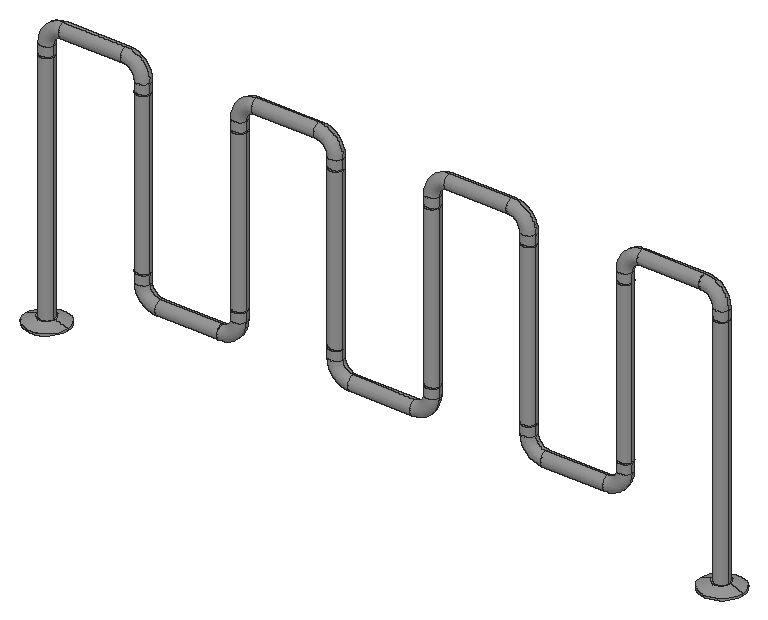
Revit family "Велопарковка «Квадро» из нержавеющей стали", category Антураж, Revit 2017
Family settings
  На основе рабочей плоскости = Нет
  Всегда вертикально = Да
  При загрузке вырезать с полостями = Нет
  Источник визуального образа = Геометрия семейства
  Общий = Нет
  Точка расчета площади = Нет
Parameters (values of type "Велопарковка «Квадро» из нержавеющей стали")
  Стоимость = 19440
  Изготовитель = "ООО \"Хоббика\""
  Высота = 0 mm
  URL = "https://hobbyka.ru/product/veloparkovka_kvadro_iz_nerzhaveyushchey_stali/?sphrase_id=68833"
  ADSK_Размер_Ширина = 120 mm
  ADSK_Размер_Длина = 2075 mm
  ADSK_Размер_Высота = 800 mm
  ADSK_Наименование = "Велопарковка «Квадро» из нержавеющей стали"
  ADSK_Материал велопарковки = Сталь, хромированная
  ADSK_Код изделия = "8929"
Reference planes
  plane 1 "По центру (Вперед/Назад)": y = 0
  plane 2: z = 0
  plane 3 "По центру (Влево/Вправо)": x = 0
Forms (mm)
  Sweep 1, solid, material "Сталь, хромированная" <- "ADSK_Материал велопарковки"
    path origin (0, 0, 0) x (1, 0, 0) y (0, 0, 1)
      loop
        line (-977.583, 17.483) -> (-977.583, 697.834) -> (-977.583, 727.248)
        arc (-977.583, 727.248) -> (-962.938, 762.603) -> (-927.583, 777.248) r 50
        line (-927.583, 777.248) -> (-748.274, 777.248)
        arc (-748.274, 777.248) -> (-712.918, 762.603) -> (-698.274, 727.248) r 50
        line (-698.274, 727.248) -> (-698.274, 205.891)
        arc (-698.274, 205.891) -> (-683.629, 170.536) -> (-648.274, 155.891) r 50
        line (-648.274, 155.891) -> (-468.964, 155.891)
        arc (-468.964, 155.891) -> (-433.609, 170.536) -> (-418.964, 205.891) r 50
        line (-418.964, 205.891) -> (-418.964, 727.248)
        arc (-418.964, 727.248) -> (-404.319, 762.603) -> (-368.964, 777.248) r 50
        line (-368.964, 777.248) -> (-189.655, 777.248)
        arc (-189.655, 777.248) -> (-154.299, 762.603) -> (-139.655, 727.248) r 50
        line (-139.655, 727.248) -> (-139.655, 697.834) -> (-139.655, 205.891)
        arc (-139.655, 205.891) -> (-125.01, 170.536) -> (-89.655, 155.891) r 50
        line (-89.655, 155.891) -> (89.655, 155.891)
        arc (89.655, 155.891) -> (125.01, 170.536) -> (139.655, 205.891) r 50
        line (139.655, 205.891) -> (139.655, 727.176)
        arc (139.655, 727.176) -> (154.274, 762.578) -> (189.655, 777.248) r 50
        line (189.655, 777.248) -> (368.964, 777.248)
        arc (368.964, 777.248) -> (404.319, 762.603) -> (418.964, 727.248) r 50
        line (418.964, 727.248) -> (418.964, 205.891)
        arc (418.964, 205.891) -> (433.609, 170.536) -> (468.964, 155.891) r 50
        line (468.964, 155.891) -> (648.274, 155.891)
        arc (648.274, 155.891) -> (683.629, 170.536) -> (698.274, 205.891) r 50
        line (698.274, 205.891) -> (698.274, 727.248)
        arc (698.274, 727.248) -> (712.918, 762.603) -> (748.274, 777.248) r 50
        line (748.274, 777.248) -> (927.583, 777.248)
        arc (927.583, 777.248) -> (962.938, 762.603) -> (977.583, 727.248) r 50
        line (977.583, 727.248) -> (977.583, 17.483)
    profile origin (-977.583, 0, 357.658) x (-1, 0, 0) y (0, -1, 0)
      loop
        circle (0, 0) r 20
  Revolve 2, solid, material "Сталь, хромированная" <- "ADSK_Материал велопарковки"
    sketch origin (0, 0, 0) x (1, 0, 0) y (0, 0, 1)
      loop
        line (-917.583, 5) -> (-951.74, 17.483) -> (-977.583, 17.483) -> (-977.583, 0) -> (-917.583, 0) -> (-917.583, 5)
      axis (-977.583, 17.483) -> (-977.583, 0)
    angle from 0 to 360
  Revolve 3, solid, material "Сталь, хромированная" <- "ADSK_Материал велопарковки"
    sketch origin (1955.166, 0, 0) x (1, 0, 0) y (0, 0, 1)
      loop
        line (-917.583, 5) -> (-951.74, 17.483) -> (-977.583, 17.483) -> (-977.583, 0) -> (-917.583, 0) -> (-917.583, 5)
      axis (-977.583, 17.483) -> (-977.583, 0)
    angle from 0 to 360
  Revolve 4, solid, material "Сталь, хромированная" <- "ADSK_Материал велопарковки"
    sketch origin (0, 0, 0) x (1, 0, 0) y (0, 0, 1)
      loop
        line (-977.583, 700.834) -> (-977.583, 697.834) -> (-957.583, 697.834)
        arc (-957.583, 697.834) -> (-957.183, 699.334) -> (-957.583, 700.834) r 3.013
        line (-957.583, 700.834) -> (-977.583, 700.834)
      axis (-977.583, 700.834) -> (-977.583, 697.834)
    angle from 0 to 360
  Revolve 5, solid, material "Сталь, хромированная" <- "ADSK_Материал велопарковки"
    sketch origin (279.309, 0, 0) x (1, 0, 0) y (0, 0, 1)
      loop
        line (-977.583, 700.834) -> (-977.583, 697.834) -> (-957.583, 697.834)
        arc (-957.583, 697.834) -> (-957.183, 699.334) -> (-957.583, 700.834) r 3.013
        line (-957.583, 700.834) -> (-977.583, 700.834)
      axis (-977.583, 700.834) -> (-977.583, 697.834)
    angle from 0 to 360
  Revolve 6, solid, material "Сталь, хромированная" <- "ADSK_Материал велопарковки"
    sketch origin (558.619, 0, 0) x (1, 0, 0) y (0, 0, 1)
      loop
        line (-977.583, 700.834) -> (-977.583, 697.834) -> (-957.583, 697.834)
        arc (-957.583, 697.834) -> (-957.183, 699.334) -> (-957.583, 700.834) r 3.013
        line (-957.583, 700.834) -> (-977.583, 700.834)
      axis (-977.583, 700.834) -> (-977.583, 697.834)
    angle from 0 to 360
  Revolve 7, solid, material "Сталь, хромированная" <- "ADSK_Материал велопарковки"
    sketch origin (837.928, 0, 0) x (1, 0, 0) y (0, 0, 1)
      loop
        line (-977.583, 700.834) -> (-977.583, 697.834) -> (-957.583, 697.834)
        arc (-957.583, 697.834) -> (-957.183, 699.334) -> (-957.583, 700.834) r 3.013
        line (-957.583, 700.834) -> (-977.583, 700.834)
      axis (-977.583, 700.834) -> (-977.583, 697.834)
    angle from 0 to 360
  Revolve 8, solid, material "Сталь, хромированная" <- "ADSK_Материал велопарковки"
    sketch origin (1117.238, 0, 0) x (1, 0, 0) y (0, 0, 1)
      loop
        line (-977.583, 700.834) -> (-977.583, 697.834) -> (-957.583, 697.834)
        arc (-957.583, 697.834) -> (-957.183, 699.334) -> (-957.583, 700.834) r 3.013
        line (-957.583, 700.834) -> (-977.583, 700.834)
      axis (-977.583, 700.834) -> (-977.583, 697.834)
    angle from 0 to 360
  Revolve 9, solid, material "Сталь, хромированная" <- "ADSK_Материал велопарковки"
    sketch origin (1396.547, 0, 0) x (1, 0, 0) y (0, 0, 1)
      loop
        line (-977.583, 700.834) -> (-977.583, 697.834) -> (-957.583, 697.834)
        arc (-957.583, 697.834) -> (-957.183, 699.334) -> (-957.583, 700.834) r 3.013
        line (-957.583, 700.834) -> (-977.583, 700.834)
      axis (-977.583, 700.834) -> (-977.583, 697.834)
    angle from 0 to 360
  Revolve 10, solid, material "Сталь, хромированная" <- "ADSK_Материал велопарковки"
    sketch origin (1675.857, 0, 0) x (1, 0, 0) y (0, 0, 1)
      loop
        line (-977.583, 700.834) -> (-977.583, 697.834) -> (-957.583, 697.834)
        arc (-957.583, 697.834) -> (-957.183, 699.334) -> (-957.583, 700.834) r 3.013
        line (-957.583, 700.834) -> (-977.583, 700.834)
      axis (-977.583, 700.834) -> (-977.583, 697.834)
    angle from 0 to 360
  Revolve 11, solid, material "Сталь, хромированная" <- "ADSK_Материал велопарковки"
    sketch origin (1955.166, 0, 0) x (1, 0, 0) y (0, 0, 1)
      loop
        line (-977.583, 700.834) -> (-977.583, 697.834) -> (-957.583, 697.834)
        arc (-957.583, 697.834) -> (-957.183, 699.334) -> (-957.583, 700.834) r 3.013
        line (-957.583, 700.834) -> (-977.583, 700.834)
      axis (-977.583, 700.834) -> (-977.583, 697.834)
    angle from 0 to 360
  Revolve 12, solid, material "Сталь, хромированная" <- "ADSK_Материал велопарковки"
    sketch origin (1675.857, 0, -465.528) x (1, 0, 0) y (0, 0, 1)
      loop
        line (-977.583, 700.834) -> (-977.583, 697.834) -> (-957.583, 697.834)
        arc (-957.583, 697.834) -> (-957.183, 699.334) -> (-957.583, 700.834) r 3.013
        line (-957.583, 700.834) -> (-977.583, 700.834)
      axis (-977.583, 700.834) -> (-977.583, 697.834)
    angle from 0 to 360
  Revolve 13, solid, material "Сталь, хромированная" <- "ADSK_Материал велопарковки"
    sketch origin (1396.547, 0, -465.528) x (1, 0, 0) y (0, 0, 1)
      loop
        line (-977.583, 700.834) -> (-977.583, 697.834) -> (-957.583, 697.834)
        arc (-957.583, 697.834) -> (-957.183, 699.334) -> (-957.583, 700.834) r 3.013
        line (-957.583, 700.834) -> (-977.583, 700.834)
      axis (-977.583, 700.834) -> (-977.583, 697.834)
    angle from 0 to 360
  Revolve 14, solid, material "Сталь, хромированная" <- "ADSK_Материал велопарковки"
    sketch origin (1117.238, 0, -465.528) x (1, 0, 0) y (0, 0, 1)
      loop
        line (-977.583, 700.834) -> (-977.583, 697.834) -> (-957.583, 697.834)
        arc (-957.583, 697.834) -> (-957.183, 699.334) -> (-957.583, 700.834) r 3.013
        line (-957.583, 700.834) -> (-977.583, 700.834)
      axis (-977.583, 700.834) -> (-977.583, 697.834)
    angle from 0 to 360
  Revolve 15, solid, material "Сталь, хромированная" <- "ADSK_Материал велопарковки"
    sketch origin (837.928, 0, -465.528) x (1, 0, 0) y (0, 0, 1)
      loop
        line (-977.583, 700.834) -> (-977.583, 697.834) -> (-957.583, 697.834)
        arc (-957.583, 697.834) -> (-957.183, 699.334) -> (-957.583, 700.834) r 3.013
        line (-957.583, 700.834) -> (-977.583, 700.834)
      axis (-977.583, 700.834) -> (-977.583, 697.834)
    angle from 0 to 360
  Revolve 16, solid, material "Сталь, хромированная" <- "ADSK_Материал велопарковки"
    sketch origin (558.619, 0, -465.528) x (1, 0, 0) y (0, 0, 1)
      loop
        line (-977.583, 700.834) -> (-977.583, 697.834) -> (-957.583, 697.834)
        arc (-957.583, 697.834) -> (-957.183, 699.334) -> (-957.583, 700.834) r 3.013
        line (-957.583, 700.834) -> (-977.583, 700.834)
      axis (-977.583, 700.834) -> (-977.583, 697.834)
    angle from 0 to 360
  Revolve 17, solid, material "Сталь, хромированная" <- "ADSK_Материал велопарковки"
    sketch origin (279.309, 0, -465.528) x (1, 0, 0) y (0, 0, 1)
      loop
        line (-977.583, 700.834) -> (-977.583, 697.834) -> (-957.583, 697.834)
        arc (-957.583, 697.834) -> (-957.183, 699.334) -> (-957.583, 700.834) r 3.013
        line (-957.583, 700.834) -> (-977.583, 700.834)
      axis (-977.583, 700.834) -> (-977.583, 697.834)
    angle from 0 to 360
Cuts and joins
  joined: Sweep 1, Revolve 4, Revolve 5, Revolve 6, Revolve 9, Revolve 12, Revolve 13, Revolve 16, Revolve 17
Dimensions and locks
  aligned and locked: level to plane 2
